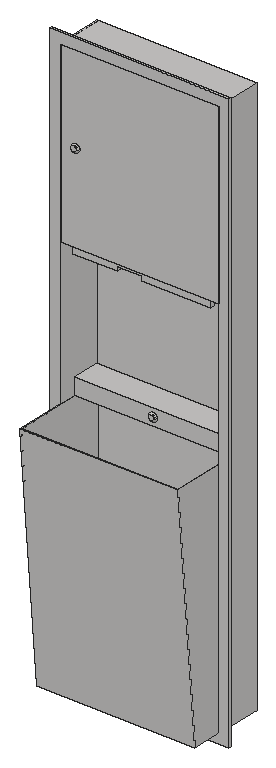
Revit family "Paper Dispenser and Waste_Metlam_Recessed_49L Waste", category Specialty Equipment, Revit 2016
Family settings
  Part Type = Normal
  Round Connector Dimension = Use Diameter
  OmniClass Number = 23.40.20.21.17
  OmniClass Title = Paper Towel Dispensers, Disposal Units
  Work Plane-Based = No
  Always vertical = Yes
  Cut with Voids When Loaded = Yes
  Shared = No
  Room Calculation Point = Yes
Parameters (values of type "438w x 237d x 1420h (ML705_RECMK2)")
  URL = "http://www.metlam.com.au/"
  Type Comments = "2 in 1 Combo Units"  # constant formula
  Model = "ML705_RECMK2"
  Material_ANZRS = z_Metlam_Metal_Stainless Steel_Satin
  Manufacturer_URL__Product Specific = "https://www.metlam.com.au/product/content/paper-towel-dispenser-comb-units/ML705_RECMK2"
  Manufacturer_Spec Code = Model  # "ML705_RECMK2"
  Manufacturer_Overall Width = 438 mm
  Manufacturer_Overall Height = 1420 mm
  Manufacturer_Overall Depth = 237 mm
  Manufacturer_Height From FFL [instance] = 400 mm
  Manufacturer = "Metlam"  # constant formula
  Description = "Paper Towel Dispenser & Waste Receptacle - Recessed"
  CreatedBy_ANZRS = "IGS BIM Solutions"  # constant formula
  CreatedByURL_ANZRS = "http://www.igsgroup.com.au/"
  Assembly Code = ""
Reference planes
  plane 1 "Back": y = 0
  plane 2 "Ref. Level": z = 0
  plane 3 "Center (Left/Right)": x = 0
  plane 4 "Left": x = -219
  plane 5 "Right": x = 219
  plane 6 "Front": y = -237
  plane 7 "Top": z = 1820
  plane 8 "Bottom": z = 400
  plane 9 "Recessed_Top": z = 1796
  plane 10 "Recessed_Bottom": z = 424
  plane 11 "Recessed_Left": x = -195
  plane 12 "Recessed_Right": x = 195
  plane 13 "Inside Back": y = -2
  plane 14 "Recessed Flush_Front": y = -107
  plane 15 "Body_Front": y = -113
  plane 16 "Waste_Top": z = 1009
  plane 17 "Paper Dispenser_Bottom": z = 1343
Forms (mm)
  Extrusion 1, solid, material "z_Metlam_Metal_Stainless Steel_Satin" <- "Material_ANZRS"
    sketch origin (0, 0, 0) x (1, 0, 0) y (0, 0, 1)
      loop
        line (-195, 424) -> (195, 424) -> (195, 1796) -> (-195, 1796) -> (-195, 424)
      loop
        line (-193, 426) -> (193, 426) -> (193, 1794) -> (-193, 1794) -> (-193, 426)
    from 0 to 113
  Extrusion 2, solid, material "z_Metlam_Metal_Stainless Steel_Satin" <- "Material_ANZRS"
    sketch origin (0, 0, 0) x (1, 0, 0) y (0, 0, 1)
      loop
        line (-195, 424) -> (195, 424) -> (195, 1796) -> (-195, 1796) -> (-195, 424)
    from 0 to 2
  Extrusion 3, solid, material "z_Metlam_Metal_Stainless Steel_Satin" <- "Material_ANZRS"
    sketch origin (0, -113, 0) x (1, 0, 0) y (0, 0, 1)
      loop
        line (-219, 1820) -> (-219, 400) -> (219, 400) -> (219, 1820) -> (-219, 1820)
      loop
        line (-195, 424) -> (195, 424) -> (195, 1796) -> (-195, 1796) -> (-195, 424)
    from -6 to 0
  Extrusion 4, solid, material "z_Metlam_Metal_Stainless Steel_Satin" <- "Material_ANZRS"
    sketch origin (0, -237, 0) x (1, 0, 0) y (0, 0, 1)
      loop
        line (-193, 1794) -> (-193, 1363) -> (193, 1363) -> (193, 1794) -> (-193, 1794)
    from -130 to -124
  Blend 5, solid, material "z_Metlam_Metal_Stainless Steel_Satin" <- "Material_ANZRS"
    base sketch origin (0, 0, 424) x (-1, 0, 0) y (0, -1, 0)
      loop
        line (-192, 0) -> (192, 0) -> (192, 185.819) -> (-192, 185.819) -> (-192, 0)
    top sketch origin (0, 0, 1009) x (-1, 0, 0) y (0, -1, 0)
      loop
        line (192, 0) -> (192, 237) -> (-192, 237) -> (-192, 0) -> (192, 0)
    from 0 to 0
  Blend 6, void
    base sketch origin (0, 0, 424) x (-1, 0, 0) y (0, -1, 0)
      loop
        line (190, 2) -> (190, 183.819) -> (-190, 183.819) -> (-190, 2) -> (190, 2)
    top sketch origin (0, 0, 1009) x (-1, 0, 0) y (0, -1, 0)
      loop
        line (190, 2) -> (190, 235) -> (-190, 235) -> (-190, 2) -> (190, 2)
    from 2 to 0
  Extrusion 7, solid, material "z_Metlam_Metal_Stainless Steel_Satin" <- "Material_ANZRS"
    sketch origin (0, -107, 0) x (1, 0, 0) y (0, 0, 1)
      loop
        line (-168, 1363) -> (-168, 1343) -> (-58, 1343) -> (-58, 1353) -> (0, 1353) -> (0, 1343) -> (168, 1343) -> (168, 1363) -> (-168, 1363)
    from -10 to 0
  Blend 8, solid, material "z_Metlam_Metal_Stainless Steel_Satin" <- "Material_ANZRS", detail levels medium+fine
    base sketch origin (0, -113, 0) x (1, 0, 0) y (0, 0, 1)
      loop
        circle (-156.49, 1579.5) r 10
    top sketch origin (0, -113, 0) x (1, 0, 0) y (0, 0, 1)
      loop
        circle (-156.49, 1579.5) r 7
    from 0 to 4
  Extrusion 9, solid, material "z_Metlam_Metal_Stainless Steel_Satin" <- "Material_ANZRS"
    sketch origin (0, -2, 0) x (1, 0, 0) y (0, 0, 1)
      loop
        line (-193, 1009) -> (195, 1009) -> (195, 1049) -> (-193, 1049) -> (-193, 1009)
    from 0 to 70
  Blend 10, solid, material "z_Metlam_Metal_Stainless Steel_Satin" <- "Material_ANZRS", detail levels medium+fine
    base sketch origin (0, -2, 0) x (1, 0, 0) y (0, 0, 1)
      loop
        circle (0, 1029) r 10
    top sketch origin (0, -2, 0) x (1, 0, 0) y (0, 0, 1)
      loop
        circle (0, 1029) r 7
    from 70 to 74
  Extrusion 11, void
    sketch origin (0, 0, 0) x (1, 0, 0) y (0, 0, 1)
      loop
        line (-200, 1805) -> (-200, 415) -> (200, 415) -> (200, 1805) -> (-200, 1805)
    from 0 to 107
Cuts and joins
  Blend 6 cuts Extrusion 1
  Blend 6 cuts Extrusion 2
  Blend 6 cuts Extrusion 3
  joined: Extrusion 1, Extrusion 2, Extrusion 3, Extrusion 9
  Blend 6 cuts Blend 5
  Blend 6 cuts Extrusion 4
Lines and regions (mm)
  Masking region 1
    outline origin (0, 0, 1009) x (-1, 0, 0) y (0, -1, 0)
      loop
        line (195, 0) -> (195, 107) -> (219, 107) -> (219, 113) -> (192, 113) -> (192, 237) -> (-192, 237) -> (-192, 113) -> (-219, 113) -> (-219, 107) -> (-195, 107) -> (-195, 0) -> (195, 0)
  symbolic lines, style "Bathroom Fixtures"
    curve 1: line (195, -107, 1009) -> (-195, -107, 1009)
    curve 2: line (-192, -113, 1009) -> (192, -113, 1009)
  symbolic lines, style "Bathroom Fixtures", detail levels medium+fine
    curve 3: line (-190, -113, 1009) -> (-190, -235, 1009)
    curve 4: line (-190, -235, 1009) -> (190, -235, 1009)
    curve 5: line (190, -235, 1009) -> (190, -113, 1009)
    curve 6: line (-190, -183.819, 1009) -> (190, -183.819, 1009)
Text (mm)
  text "> Contact Manufacturer to confirm feasibility of design variations outside the scope of this Revit Family\n\n\n\nDisclaimer:\n\nDue to ongoing product development and manufacturing evolution, product details are subject to change without notice. Please refer to product technical data sheets on the manufacturer’s website for the most current product information. Please allow a +/- 5mm manufacturing tolerance for dimensions and set-outs shown in product literature." at (279.757, 61.233, 0), in view "Ref. Level_Instruction"
Dimensions and locks
  equal spacing: plane 4 "Left", plane 3 "Center (Left/Right)", plane 5 "Right"
  "Manufacturer_Overall Width": plane 4 "Left" to plane 5 "Right"
  "Manufacturer_Overall Depth": plane 6 "Front" to plane 1 "Back"
  "Manufacturer_Overall Height": plane 7 "Top" to plane 8 "Bottom"
  locked: plane 9 "Recessed_Top" to Extrusion 1 sketch curve at 2
  locked: Extrusion 1 sketch curve to plane 10 "Recessed_Bottom" at 2
  locked: plane 7 "Top" to plane 9 "Recessed_Top" at 24
  locked: plane 10 "Recessed_Bottom" to plane 8 "Bottom" at 24
  locked: plane 11 "Recessed_Left" to plane 12 "Recessed_Right" at 390
  equal spacing: plane 11 "Recessed_Left", plane 3 "Center (Left/Right)", plane 12 "Recessed_Right"
  locked: plane 13 "Inside Back" to plane 1 "Back" at 2
  locked: plane 14 "Recessed Flush_Front" to plane 1 "Back" at 107
  locked: plane 15 "Body_Front" to plane 14 "Recessed Flush_Front" at 6
  locked: plane 9 "Recessed_Top" to plane 17 "Paper Dispenser_Bottom" at 453
  locked: plane 16 "Waste_Top" to plane 10 "Recessed_Bottom" at 585
  "Manufacturer_Height From FFL": plane 8 "Bottom" to plane 2 "Ref. Level"
  equal spacing: Extrusion 11 sketch curve, plane 3 "Center (Left/Right)", Extrusion 11 sketch curve
  locked: Extrusion 11 sketch curve to Extrusion 11 sketch curve at 400
  locked: Extrusion 11 sketch curve to Extrusion 11 sketch curve at 1390
  locked: plane 8 "Bottom" to Extrusion 11 sketch curve at 15
  aligned and locked: level to plane 2 "Ref. Level"
  aligned and locked: Extrusion 3 to plane 14 "Recessed Flush_Front"
  aligned and locked: plane 15 "Body_Front" to Extrusion 3
  aligned and locked: Extrusion 3 sketch curve to plane 9 "Recessed_Top"
  aligned and locked: plane 15 "Body_Front" to cut or joined group of Extrusion 1, Extrusion 2, Extrusion 3, Blend 6, Extrusion 9
  aligned and locked: plane 14 "Recessed Flush_Front" to Extrusion 11
Automatic sketch dimensions
  Extrusion 2 sketch curve to plane 9 "Recessed_Top" = 0 mm
  Extrusion 2 sketch curve to plane 11 "Recessed_Left" = 0 mm
  Extrusion 2 sketch curve to plane 10 "Recessed_Bottom" = 0 mm
  plane 12 "Recessed_Right" to Extrusion 2 sketch curve = 0 mm
  plane 11 "Recessed_Left" to Extrusion 4 sketch curve = 2 mm
  plane 12 "Recessed_Right" to Extrusion 4 sketch curve = 2 mm
  Extrusion 4 sketch curve to plane 9 "Recessed_Top" = 2 mm
  Extrusion 4 sketch curve to Extrusion 4 sketch curve = 431 mm
  plane 12 "Recessed_Right" to Blend 5 sketch curve = 3 mm  (x2)
  plane 11 "Recessed_Left" to Blend 5 sketch curve = 3 mm  (x2)
  Blend 5 sketch curve to plane 13 "Inside Back" = 2 mm  (x2)
  Blend 5 sketch curve to plane 6 "Front" = 51.181 mm
  plane 6 "Front" to Blend 5 sketch curve = 0 mm
  plane 13 "Inside Back" to Blend 6 sketch curve = 0 mm  (x2)
  plane 12 "Recessed_Right" to Blend 6 sketch curve = 5 mm  (x2)
  plane 11 "Recessed_Left" to Blend 6 sketch curve = 5 mm  (x2)
  Blend 6 sketch curve to plane 6 "Front" = 53.181 mm
  Blend 6 sketch curve to plane 6 "Front" = 2 mm
  Extrusion 7 sketch curve to plane 3 "Center (Left/Right)" = 0 mm
  Extrusion 7 sketch curve to Extrusion 7 sketch curve = 58 mm
  plane 11 "Recessed_Left" to Extrusion 7 sketch curve = 27 mm
  plane 12 "Recessed_Right" to Extrusion 7 sketch curve = 27 mm
  Extrusion 3 sketch curve to plane 4 "Left" = 0 mm
  Extrusion 3 sketch curve to plane 11 "Recessed_Left" = 0 mm
  Extrusion 3 sketch curve to plane 10 "Recessed_Bottom" = 0 mm
  plane 12 "Recessed_Right" to Extrusion 3 sketch curve = 0 mm
  plane 5 "Right" to Extrusion 3 sketch curve = 0 mm
  Extrusion 3 sketch curve to plane 8 "Bottom" = 0 mm
  Extrusion 3 sketch curve to plane 7 "Top" = 0 mm
  Extrusion 1 sketch curve to plane 9 "Recessed_Top" = 0 mm
  Extrusion 1 sketch curve to plane 11 "Recessed_Left" = 0 mm
  plane 12 "Recessed_Right" to Extrusion 1 sketch curve = 0 mm
  Extrusion 1 sketch curve to plane 10 "Recessed_Bottom" = 0 mm
  plane 11 "Recessed_Left" to Extrusion 1 sketch curve = 2 mm
  plane 12 "Recessed_Right" to Extrusion 1 sketch curve = 2 mm
  plane 11 "Recessed_Left" to Blend 8 sketch curve = 38.51 mm  (x2)
  Blend 8 sketch curve to plane 9 "Recessed_Top" = 216.5 mm  (x2)
  Extrusion 9 sketch curve to plane 16 "Waste_Top" = 0 mm
  plane 12 "Recessed_Right" to Extrusion 9 sketch curve = 0 mm
  plane 11 "Recessed_Left" to Extrusion 9 sketch curve = 2 mm
  Extrusion 9 sketch curve to Extrusion 9 sketch curve = 40 mm
  Blend 10 sketch curve to plane 3 "Center (Left/Right)" = 0 mm  (x2)
  plane 16 "Waste_Top" to Blend 10 sketch curve = 20 mm  (x2)
  Masking region 1 sketch curve to plane 5 "Right" = 0 mm
  Masking region 1 sketch curve to plane 12 "Recessed_Right" = 0 mm
  plane 6 "Front" to Masking region 1 sketch curve = 0 mm
  plane 15 "Body_Front" to Masking region 1 sketch curve = 0 mm  (x2)
  plane 1 "Back" to Masking region 1 sketch curve = 0 mm
  Masking region 1 sketch curve to plane 11 "Recessed_Left" = 0 mm
  Masking region 1 sketch curve to plane 4 "Left" = 0 mm
  plane 14 "Recessed Flush_Front" to Masking region 1 sketch curve = 0 mm  (x2)
  plane 12 "Recessed_Right" to Masking region 1 sketch curve = 3 mm
  plane 11 "Recessed_Left" to Masking region 1 sketch curve = 3 mm
  curve 1 to plane 12 "Recessed_Right" = 0 mm
  plane 15 "Body_Front" to curve 3 = 0 mm
  curve 1 to plane 11 "Recessed_Left" = 0 mm
  plane 14 "Recessed Flush_Front" to curve 1 = 0 mm
  curve 5 to plane 6 "Front" = 2 mm
  plane 12 "Recessed_Right" to curve 5 = 5 mm
  plane 11 "Recessed_Left" to curve 3 = 5 mm
  curve 2 to curve 5 = 2 mm
  curve 3 to curve 2 = 2 mm
  curve 6 to curve 3 = 51.181 mm
  Extrusion 7 sketch curve to plane 17 "Paper Dispenser_Bottom" = 0 mm  (x2)
  Extrusion 7 sketch curve to Extrusion 7 sketch curve = 10 mm
  Extrusion 7 sketch curve to Extrusion 7 sketch curve = 20 mm
  radius of Blend 8 sketch curve = 10 mm
  radius of Blend 8 sketch curve = 7 mm
  radius of Blend 10 sketch curve = 10 mm
  radius of Blend 10 sketch curve = 7 mm
